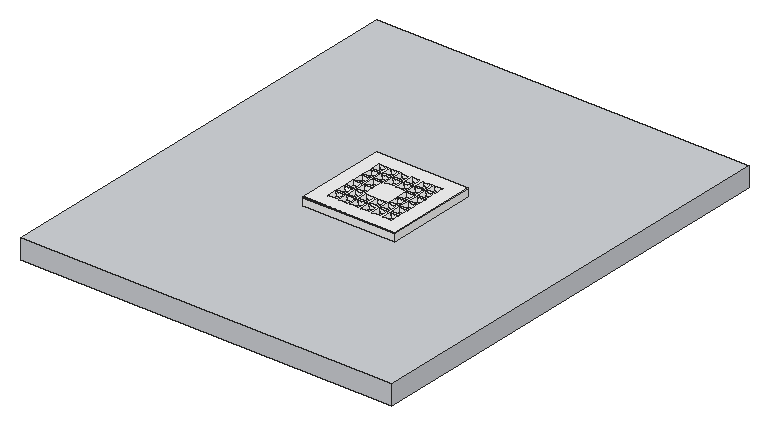
Revit family "SL_Zumtobel MIREL-L A LED Q600", category Lighting Fixtures, host Face, Revit 2014
Parameters (values of type "MIREL-L A LED Q600 Dimmable")
  Width = 600.00 mm  # constant formula
  Wattage = 19.3413 W
  built-in parameter 1150110 = 1 (stored number, unit not read)
  Voltage = 230 V
  URL = "http://www.zumtobel.de/42925612"
  Type Comments = "© Zumtobel. We reserve the right to make technical changes without prior notice."  # constant formula
  built-in parameter 1114217 = 1 (stored number, unit not read)
  Tilt Angle = 90.00°
  built-in parameter 1150109 = 1 (stored number, unit not read)
  built-in parameter 1150134 = 12
  built-in parameter 1150113 = 1 (stored number, unit not read)
  Photometric Web File = "42925612_(STD).IES"
  Model = "42925612"
  Manufacturer = "Zumtobel Lighting"  # constant formula
  built-in parameter 1150105 = 228.63 (stored number, unit not read)
  Lumens = 2873 lm
  built-in parameter 1150115 = 1 (stored number, unit not read)
  built-in parameter 1150137 = (empty or 0)
  built-in parameter 1150139 = (empty or 0)
  Length = 600.00 mm  # constant formula
  built-in parameter 1150112 = 1 (stored number, unit not read)
  built-in parameter 1150114 = 1 (stored number, unit not read)
  Lamp = "LED"
  built-in parameter 1150132 = 2
  built-in parameter 1150102 = (empty or 0)
  built-in parameter 1150107 = 4000 (stored number, unit not read)
  built-in parameter 1150138 = (empty or 0)
  built-in parameter 1150106 = 2.2863 (stored number, unit not read)
  Height = 52.00 mm  # constant formula
  Emit from Rectangle Width = Length  # 600.00 mm
  Emit from Rectangle Length = Width  # 600.00 mm
  Emit Shape Visible in Rendering = yes
  built-in parameter 1150104 = 13.8 (stored number, unit not read)
  Dimming Lamp Color Temperature Shift = <None>
  Description = " Surface mount LED luminaire "  # constant formula
  Cover [instance] = Zumtobel_MIREL_Lamp_Self_llumination
  Color Filter = 16777215
  Body [instance] = Zumtobel_Metal_White
  built-in parameter 1114218 = 1 (stored number, unit not read)
  built-in parameter 1150133 = 10 (stored number, unit not read)
  Apparent Load = 25.9 VA
  Default Elevation = 0.00 mm
  Assembly Code = "D5020200"
Types (2, lengths in mm): name | URL | Photometric Web File | Model | Apparent Load
  MIREL-L A LED Q600 Electronic | "http://www.zumtobel.com/42182127" | "42182127_(STD).IES" | "42182127" | 25.6 VA
  MIREL-L A LED Q600 Dimmable | "http://www.zumtobel.de/42925612" | "42925612_(STD).IES" | "42925612" | 25.9 VA
Reference planes
  plane 1 "Top": z = 0
  plane 2 "Center (Left/Right)": x = 0
  plane 3 "Center (Front/Back)": y = -11.001
  plane 4 "Back": y = 288.999
  plane 5 "Front": y = -311.001
  plane 6 "Left": x = -300
  plane 7 "Right": x = 300
  plane 8 "Back Cover": z = 0
  plane 9 "Top Body": z = 52
  plane 10: z = 49
  plane 11: z = 46
Forms (mm)
  Extrusion 1, solid
    sketch origin (0, 0, 0) x (1, 0, 0) y (0, 1, 0)
      loop
        line (-1219.2, 1439.2) -> (-1219.2, -1480.8) -> (1219.2, -1480.8) -> (1219.2, 1439.2) -> (-1219.2, 1439.2)
    from 0 to -127.877
  Extrusion 2, solid, material "Zumtobel_Metal_White" <- "Body", detail levels medium+fine
    sketch origin (0, 0, 0) x (1, 0, 0) y (0, 1, 0)
      loop
        line (-300, 288.999) -> (-300, -311.001) -> (300, -311.001) -> (300, 288.999) -> (-300, 288.999)
    from 0 to 46
  Extrusion 3, solid, material "Zumtobel_Metal_White" <- "Body", detail levels medium+fine
    sketch origin (0, 0, 0) x (1, 0, 0) y (0, 1, 0)
      loop
        line (-300, 288.999) -> (-300, -311.001) -> (300, -311.001) -> (300, 288.999) -> (-300, 288.999)
    from 49 to 52
  Extrusion 4, solid, material "Zumtobel_Metal_White" <- "Body", detail levels medium+fine
    sketch origin (0, 0, -15) x (1, 0, 0) y (0, 1, 0)
      loop
        line (-295, 283.999) -> (-295, -306.001) -> (295, -306.001) -> (295, 283.999) -> (-295, 283.999)
    from 61 to 64
  Blend 5, void
    base sketch origin (0, -431.2, 0) x (1, 0, 0) y (0, 1, 0)
      loop
        line (-65.95, 557.999) -> (-65.95, 497.999) -> (-5.95, 497.999) -> (-5.95, 557.999) -> (-65.95, 557.999)
    top sketch origin (0, -431.2, 0) x (1, 0, 0) y (0, 1, 0)
      loop
        line (-51.95, 543.999) -> (-51.95, 511.999) -> (-19.95, 511.999) -> (-19.95, 543.999) -> (-51.95, 543.999)
    from 52 to 34
  Blend 6, void
    base sketch origin (0, -431.2, 0) x (-1, 0, 0) y (0, -1, 0)
      loop
        line (-65.95, -557.999) -> (-5.95, -557.999) -> (-5.95, -497.999) -> (-65.95, -497.999) -> (-65.95, -557.999)
    top sketch origin (0, -431.2, 0) x (-1, 0, 0) y (0, -1, 0)
      loop
        line (-51.95, -543.999) -> (-19.95, -543.999) -> (-19.95, -511.999) -> (-51.95, -511.999) -> (-51.95, -543.999)
    from 52 to 34
  Blend 7, void
    base sketch origin (0, 696.665, 0) x (1, 0, 0) y (0, 1, 0)
      loop
        line (-65.95, -557.999) -> (-5.95, -557.999) -> (-5.95, -497.999) -> (-65.95, -497.999) -> (-65.95, -557.999)
    top sketch origin (0, 696.665, 0) x (1, 0, 0) y (0, 1, 0)
      loop
        line (-51.95, -543.999) -> (-19.95, -543.999) -> (-19.95, -511.999) -> (-51.95, -511.999) -> (-51.95, -543.999)
    from 52 to 34
  Blend 8, void
    base sketch origin (0, 696.665, 0) x (-1, 0, 0) y (0, -1, 0)
      loop
        line (-65.95, 557.999) -> (-65.95, 497.999) -> (-5.95, 497.999) -> (-5.95, 557.999) -> (-65.95, 557.999)
    top sketch origin (0, 696.665, 0) x (-1, 0, 0) y (0, -1, 0)
      loop
        line (-51.95, 543.999) -> (-51.95, 511.999) -> (-19.95, 511.999) -> (-19.95, 543.999) -> (-51.95, 543.999)
    from 52 to 34
  Blend 9, void
    base sketch origin (-71.9, -503.067, 0) x (1, 0, 0) y (0, 1, 0)
      loop
        line (-65.95, 557.999) -> (-65.95, 497.999) -> (-5.95, 497.999) -> (-5.95, 557.999) -> (-65.95, 557.999)
    top sketch origin (-71.9, -503.067, 0) x (1, 0, 0) y (0, 1, 0)
      loop
        line (-51.95, 543.999) -> (-51.95, 511.999) -> (-19.95, 511.999) -> (-19.95, 543.999) -> (-51.95, 543.999)
    from 52 to 34
  Blend 10, void
    base sketch origin (-71.9, -574.933, 0) x (1, 0, 0) y (0, 1, 0)
      loop
        line (-65.95, 557.999) -> (-65.95, 497.999) -> (-5.95, 497.999) -> (-5.95, 557.999) -> (-65.95, 557.999)
    top sketch origin (-71.9, -574.933, 0) x (1, 0, 0) y (0, 1, 0)
      loop
        line (-51.95, 543.999) -> (-51.95, 511.999) -> (-19.95, 511.999) -> (-19.95, 543.999) -> (-51.95, 543.999)
    from 52 to 34
  Blend 11, void
    base sketch origin (-71.9, -431.2, 0) x (1, 0, 0) y (0, 1, 0)
      loop
        line (-65.95, 557.999) -> (-65.95, 497.999) -> (-5.95, 497.999) -> (-5.95, 557.999) -> (-65.95, 557.999)
    top sketch origin (-71.9, -431.2, 0) x (1, 0, 0) y (0, 1, 0)
      loop
        line (-51.95, 543.999) -> (-51.95, 511.999) -> (-19.95, 511.999) -> (-19.95, 543.999) -> (-51.95, 543.999)
    from 52 to 34
  Blend 12, void
    base sketch origin (-71.9, 696.665, 0) x (1, 0, 0) y (0, 1, 0)
      loop
        line (-65.95, -557.999) -> (-5.95, -557.999) -> (-5.95, -497.999) -> (-65.95, -497.999) -> (-65.95, -557.999)
    top sketch origin (-71.9, 696.665, 0) x (1, 0, 0) y (0, 1, 0)
      loop
        line (-51.95, -543.999) -> (-19.95, -543.999) -> (-19.95, -511.999) -> (-51.95, -511.999) -> (-51.95, -543.999)
    from 52 to 34
  Blend 13, void
    base sketch origin (-215.7, -503.067, 0) x (-1, 0, 0) y (0, -1, 0)
      loop
        line (-65.95, -557.999) -> (-5.95, -557.999) -> (-5.95, -497.999) -> (-65.95, -497.999) -> (-65.95, -557.999)
    top sketch origin (-215.7, -503.067, 0) x (-1, 0, 0) y (0, -1, 0)
      loop
        line (-51.95, -543.999) -> (-19.95, -543.999) -> (-19.95, -511.999) -> (-51.95, -511.999) -> (-51.95, -543.999)
    from 52 to 34
  Blend 14, void
    base sketch origin (-215.7, -574.933, 0) x (-1, 0, 0) y (0, -1, 0)
      loop
        line (-65.95, -557.999) -> (-5.95, -557.999) -> (-5.95, -497.999) -> (-65.95, -497.999) -> (-65.95, -557.999)
    top sketch origin (-215.7, -574.933, 0) x (-1, 0, 0) y (0, -1, 0)
      loop
        line (-51.95, -543.999) -> (-19.95, -543.999) -> (-19.95, -511.999) -> (-51.95, -511.999) -> (-51.95, -543.999)
    from 52 to 34
  Blend 15, void
    base sketch origin (-215.7, -431.2, 0) x (-1, 0, 0) y (0, -1, 0)
      loop
        line (-65.95, -557.999) -> (-5.95, -557.999) -> (-5.95, -497.999) -> (-65.95, -497.999) -> (-65.95, -557.999)
    top sketch origin (-215.7, -431.2, 0) x (-1, 0, 0) y (0, -1, 0)
      loop
        line (-51.95, -543.999) -> (-19.95, -543.999) -> (-19.95, -511.999) -> (-51.95, -511.999) -> (-51.95, -543.999)
    from 52 to 34
  Blend 16, void
    base sketch origin (-215.7, 696.665, 0) x (-1, 0, 0) y (0, -1, 0)
      loop
        line (-65.95, 557.999) -> (-65.95, 497.999) -> (-5.95, 497.999) -> (-5.95, 557.999) -> (-65.95, 557.999)
    top sketch origin (-215.7, 696.665, 0) x (-1, 0, 0) y (0, -1, 0)
      loop
        line (-51.95, 543.999) -> (-51.95, 511.999) -> (-19.95, 511.999) -> (-19.95, 543.999) -> (-51.95, 543.999)
    from 52 to 34
  Blend 17, void
    base sketch origin (71.9, -503.067, 0) x (-1, 0, 0) y (0, -1, 0)
      loop
        line (-65.95, -557.999) -> (-5.95, -557.999) -> (-5.95, -497.999) -> (-65.95, -497.999) -> (-65.95, -557.999)
    top sketch origin (71.9, -503.067, 0) x (-1, 0, 0) y (0, -1, 0)
      loop
        line (-51.95, -543.999) -> (-19.95, -543.999) -> (-19.95, -511.999) -> (-51.95, -511.999) -> (-51.95, -543.999)
    from 52 to 34
  Blend 18, void
    base sketch origin (71.9, -574.933, 0) x (-1, 0, 0) y (0, -1, 0)
      loop
        line (-65.95, -557.999) -> (-5.95, -557.999) -> (-5.95, -497.999) -> (-65.95, -497.999) -> (-65.95, -557.999)
    top sketch origin (71.9, -574.933, 0) x (-1, 0, 0) y (0, -1, 0)
      loop
        line (-51.95, -543.999) -> (-19.95, -543.999) -> (-19.95, -511.999) -> (-51.95, -511.999) -> (-51.95, -543.999)
    from 52 to 34
  Blend 19, void
    base sketch origin (71.9, -431.2, 0) x (-1, 0, 0) y (0, -1, 0)
      loop
        line (-65.95, -557.999) -> (-5.95, -557.999) -> (-5.95, -497.999) -> (-65.95, -497.999) -> (-65.95, -557.999)
    top sketch origin (71.9, -431.2, 0) x (-1, 0, 0) y (0, -1, 0)
      loop
        line (-51.95, -543.999) -> (-19.95, -543.999) -> (-19.95, -511.999) -> (-51.95, -511.999) -> (-51.95, -543.999)
    from 52 to 34
  Blend 20, void
    base sketch origin (71.9, 696.665, 0) x (-1, 0, 0) y (0, -1, 0)
      loop
        line (-65.95, 557.999) -> (-65.95, 497.999) -> (-5.95, 497.999) -> (-5.95, 557.999) -> (-65.95, 557.999)
    top sketch origin (71.9, 696.665, 0) x (-1, 0, 0) y (0, -1, 0)
      loop
        line (-51.95, 543.999) -> (-51.95, 511.999) -> (-19.95, 511.999) -> (-19.95, 543.999) -> (-51.95, 543.999)
    from 52 to 34
  Blend 21, void
    base sketch origin (143.8, -503.067, 0) x (-1, 0, 0) y (0, -1, 0)
      loop
        line (-65.95, -557.999) -> (-5.95, -557.999) -> (-5.95, -497.999) -> (-65.95, -497.999) -> (-65.95, -557.999)
    top sketch origin (143.8, -503.067, 0) x (-1, 0, 0) y (0, -1, 0)
      loop
        line (-51.95, -543.999) -> (-19.95, -543.999) -> (-19.95, -511.999) -> (-51.95, -511.999) -> (-51.95, -543.999)
    from 52 to 34
  Blend 22, void
    base sketch origin (143.8, -574.933, 0) x (-1, 0, 0) y (0, -1, 0)
      loop
        line (-65.95, -557.999) -> (-5.95, -557.999) -> (-5.95, -497.999) -> (-65.95, -497.999) -> (-65.95, -557.999)
    top sketch origin (143.8, -574.933, 0) x (-1, 0, 0) y (0, -1, 0)
      loop
        line (-51.95, -543.999) -> (-19.95, -543.999) -> (-19.95, -511.999) -> (-51.95, -511.999) -> (-51.95, -543.999)
    from 52 to 34
  Blend 23, void
    base sketch origin (143.8, -431.2, 0) x (-1, 0, 0) y (0, -1, 0)
      loop
        line (-65.95, -557.999) -> (-5.95, -557.999) -> (-5.95, -497.999) -> (-65.95, -497.999) -> (-65.95, -557.999)
    top sketch origin (143.8, -431.2, 0) x (-1, 0, 0) y (0, -1, 0)
      loop
        line (-51.95, -543.999) -> (-19.95, -543.999) -> (-19.95, -511.999) -> (-51.95, -511.999) -> (-51.95, -543.999)
    from 52 to 34
  Blend 24, void
    base sketch origin (143.8, 696.665, 0) x (-1, 0, 0) y (0, -1, 0)
      loop
        line (-65.95, 557.999) -> (-65.95, 497.999) -> (-5.95, 497.999) -> (-5.95, 557.999) -> (-65.95, 557.999)
    top sketch origin (143.8, 696.665, 0) x (-1, 0, 0) y (0, -1, 0)
      loop
        line (-51.95, 543.999) -> (-51.95, 511.999) -> (-19.95, 511.999) -> (-19.95, 543.999) -> (-51.95, 543.999)
    from 52 to 34
  Blend 25, void
    base sketch origin (0, 409.199, 0) x (1, 0, 0) y (0, 1, 0)
      loop
        line (-65.95, -557.999) -> (-5.95, -557.999) -> (-5.95, -497.999) -> (-65.95, -497.999) -> (-65.95, -557.999)
    top sketch origin (0, 409.199, 0) x (1, 0, 0) y (0, 1, 0)
      loop
        line (-51.95, -543.999) -> (-19.95, -543.999) -> (-19.95, -511.999) -> (-51.95, -511.999) -> (-51.95, -543.999)
    from 52 to 34
  Blend 26, void
    base sketch origin (0, 409.199, 0) x (-1, 0, 0) y (0, -1, 0)
      loop
        line (-65.95, 557.999) -> (-65.95, 497.999) -> (-5.95, 497.999) -> (-5.95, 557.999) -> (-65.95, 557.999)
    top sketch origin (0, 409.199, 0) x (-1, 0, 0) y (0, -1, 0)
      loop
        line (-51.95, 543.999) -> (-51.95, 511.999) -> (-19.95, 511.999) -> (-19.95, 543.999) -> (-51.95, 543.999)
    from 52 to 34
  Blend 27, void
    base sketch origin (0, 337.332, 0) x (1, 0, 0) y (0, 1, 0)
      loop
        line (-65.95, -557.999) -> (-5.95, -557.999) -> (-5.95, -497.999) -> (-65.95, -497.999) -> (-65.95, -557.999)
    top sketch origin (0, 337.332, 0) x (1, 0, 0) y (0, 1, 0)
      loop
        line (-51.95, -543.999) -> (-19.95, -543.999) -> (-19.95, -511.999) -> (-51.95, -511.999) -> (-51.95, -543.999)
    from 52 to 34
  Blend 28, void
    base sketch origin (0, 337.332, 0) x (-1, 0, 0) y (0, -1, 0)
      loop
        line (-65.95, 557.999) -> (-65.95, 497.999) -> (-5.95, 497.999) -> (-5.95, 557.999) -> (-65.95, 557.999)
    top sketch origin (0, 337.332, 0) x (-1, 0, 0) y (0, -1, 0)
      loop
        line (-51.95, 543.999) -> (-51.95, 511.999) -> (-19.95, 511.999) -> (-19.95, 543.999) -> (-51.95, 543.999)
    from 52 to 34
  Blend 29, void
    base sketch origin (-71.9, 409.199, 0) x (1, 0, 0) y (0, 1, 0)
      loop
        line (-65.95, -557.999) -> (-5.95, -557.999) -> (-5.95, -497.999) -> (-65.95, -497.999) -> (-65.95, -557.999)
    top sketch origin (-71.9, 409.199, 0) x (1, 0, 0) y (0, 1, 0)
      loop
        line (-51.95, -543.999) -> (-19.95, -543.999) -> (-19.95, -511.999) -> (-51.95, -511.999) -> (-51.95, -543.999)
    from 52 to 34
  Blend 30, void
    base sketch origin (-71.9, 337.332, 0) x (1, 0, 0) y (0, 1, 0)
      loop
        line (-65.95, -557.999) -> (-5.95, -557.999) -> (-5.95, -497.999) -> (-65.95, -497.999) -> (-65.95, -557.999)
    top sketch origin (-71.9, 337.332, 0) x (1, 0, 0) y (0, 1, 0)
      loop
        line (-51.95, -543.999) -> (-19.95, -543.999) -> (-19.95, -511.999) -> (-51.95, -511.999) -> (-51.95, -543.999)
    from 52 to 34
  Blend 31, void
    base sketch origin (-215.7, 409.199, 0) x (-1, 0, 0) y (0, -1, 0)
      loop
        line (-65.95, 557.999) -> (-65.95, 497.999) -> (-5.95, 497.999) -> (-5.95, 557.999) -> (-65.95, 557.999)
    top sketch origin (-215.7, 409.199, 0) x (-1, 0, 0) y (0, -1, 0)
      loop
        line (-51.95, 543.999) -> (-51.95, 511.999) -> (-19.95, 511.999) -> (-19.95, 543.999) -> (-51.95, 543.999)
    from 52 to 34
  Blend 32, void
    base sketch origin (-215.7, 337.332, 0) x (-1, 0, 0) y (0, -1, 0)
      loop
        line (-65.95, 557.999) -> (-65.95, 497.999) -> (-5.95, 497.999) -> (-5.95, 557.999) -> (-65.95, 557.999)
    top sketch origin (-215.7, 337.332, 0) x (-1, 0, 0) y (0, -1, 0)
      loop
        line (-51.95, 543.999) -> (-51.95, 511.999) -> (-19.95, 511.999) -> (-19.95, 543.999) -> (-51.95, 543.999)
    from 52 to 34
  Blend 33, void
    base sketch origin (71.9, 409.199, 0) x (-1, 0, 0) y (0, -1, 0)
      loop
        line (-65.95, 557.999) -> (-65.95, 497.999) -> (-5.95, 497.999) -> (-5.95, 557.999) -> (-65.95, 557.999)
    top sketch origin (71.9, 409.199, 0) x (-1, 0, 0) y (0, -1, 0)
      loop
        line (-51.95, 543.999) -> (-51.95, 511.999) -> (-19.95, 511.999) -> (-19.95, 543.999) -> (-51.95, 543.999)
    from 52 to 34
  Blend 34, void
    base sketch origin (71.9, 337.332, 0) x (-1, 0, 0) y (0, -1, 0)
      loop
        line (-65.95, 557.999) -> (-65.95, 497.999) -> (-5.95, 497.999) -> (-5.95, 557.999) -> (-65.95, 557.999)
    top sketch origin (71.9, 337.332, 0) x (-1, 0, 0) y (0, -1, 0)
      loop
        line (-51.95, 543.999) -> (-51.95, 511.999) -> (-19.95, 511.999) -> (-19.95, 543.999) -> (-51.95, 543.999)
    from 52 to 34
  Blend 35, void
    base sketch origin (143.8, 409.199, 0) x (-1, 0, 0) y (0, -1, 0)
      loop
        line (-65.95, 557.999) -> (-65.95, 497.999) -> (-5.95, 497.999) -> (-5.95, 557.999) -> (-65.95, 557.999)
    top sketch origin (143.8, 409.199, 0) x (-1, 0, 0) y (0, -1, 0)
      loop
        line (-51.95, 543.999) -> (-51.95, 511.999) -> (-19.95, 511.999) -> (-19.95, 543.999) -> (-51.95, 543.999)
    from 52 to 34
  Blend 36, void
    base sketch origin (143.8, 337.332, 0) x (-1, 0, 0) y (0, -1, 0)
      loop
        line (-65.95, 557.999) -> (-65.95, 497.999) -> (-5.95, 497.999) -> (-5.95, 557.999) -> (-65.95, 557.999)
    top sketch origin (143.8, 337.332, 0) x (-1, 0, 0) y (0, -1, 0)
      loop
        line (-51.95, 543.999) -> (-51.95, 511.999) -> (-19.95, 511.999) -> (-19.95, 543.999) -> (-51.95, 543.999)
    from 52 to 34
Cuts and joins
  Blend 5, Blend 6, Blend 7, Blend 8, Blend 9, Blend 10, Blend 11, Blend 12, Blend 13, Blend 14, Blend 15, Blend 16, Blend 17, Blend 18, Blend 19, Blend 20, Blend 21, Blend 22, Blend 23, Blend 24, Blend 25, Blend 26, Blend 27, Blend 28, Blend 29, Blend 30, Blend 31, Blend 32, Blend 33, Blend 34, Blend 35, Blend 36 cuts Extrusion 2
  Blend 5, Blend 6, Blend 7, Blend 8, Blend 9, Blend 10, Blend 11, Blend 12, Blend 13, Blend 14, Blend 15, Blend 16, Blend 17, Blend 18, Blend 19, Blend 20, Blend 21, Blend 22, Blend 23, Blend 24, Blend 25, Blend 26, Blend 27, Blend 28, Blend 29, Blend 30, Blend 31, Blend 32, Blend 33, Blend 34, Blend 35, Blend 36 cuts Extrusion 3
  Blend 5, Blend 6, Blend 7, Blend 8, Blend 9, Blend 10, Blend 11, Blend 12, Blend 13, Blend 14, Blend 15, Blend 16, Blend 17, Blend 18, Blend 19, Blend 20, Blend 21, Blend 22, Blend 23, Blend 24, Blend 25, Blend 26, Blend 27, Blend 28, Blend 29, Blend 30, Blend 31, Blend 32, Blend 33, Blend 34, Blend 35, Blend 36 cuts Extrusion 4
  joined: Extrusion 2, Extrusion 3, Extrusion 4
Lines and regions (mm)
  symbolic lines, style "Zumtobel Lighting", detail levels coarse
    curve 1: line (-300, 288.999, 0) -> (300, 288.999, 0)
    curve 2: line (-300, -311.001, 0) -> (-300, 288.999, 0)
    curve 3: line (300, -311.001, 0) -> (-300, -311.001, 0)
    curve 4: line (300, 288.999, 0) -> (300, -311.001, 0)
Dimensions and locks
  equal spacing: plane 4 "Back", plane 3 "Center (Front/Back)", plane 5 "Front"
  "Length": plane 4 "Back" to plane 5 "Front"
  equal spacing: plane 6 "Left", plane 2 "Center (Left/Right)", plane 7 "Right"
  "Width": plane 6 "Left" to plane 7 "Right"
  plane 9 "Top Body" to plane 10 to plane 11 to plane 1 "Top" = 3.00 mm locked, 3.00 mm locked, 46.00 mm locked
  aligned and locked: plane 1 "Top" to Extrusion 1
  aligned and locked: level to Extrusion 1
  aligned: imposter light to plane 2 "Center (Left/Right)"
  aligned: imposter light to plane 3 "Center (Front/Back)"
  aligned and locked: imposter light to plane 9 "Top Body"
  aligned and locked: imposter light to plane 2 "Center (Left/Right)"
  aligned: plane 1 "Top" to Extrusion 2
  aligned and locked: curve 1 to cut or joined group 1 (Extrusion 2, Extrusion 3, Extrusion 4, Blend 5, Blend 6, Blend 7, Blend 8, Blend 9, Blend 10, Blend 11, Blend 12, Blend 13, Blend 14, Blend 15, Blend 16, Blend 17, Blend 18, Blend 19, Blend 20, Blend 21, Blend 22, Blend 23, Blend 24, Blend 25, Blend 26, Blend 27, Blend 28, Blend 29, Blend 30, Blend 31, Blend 32, Blend 33, Blend 34, Blend 35, Blend 36)
  aligned and locked: curve 2 to cut or joined group 1
  aligned and locked: curve 3 to cut or joined group 1
  aligned and locked: curve 4 to cut or joined group 1
  aligned and locked: Extrusion 3 to imposter light
  aligned and locked: Extrusion 3 to plane 10
  aligned and locked: Extrusion 4 to cut or joined group 1
  aligned and locked: Extrusion 4 to plane 11
  aligned and locked: plane 11 to Extrusion 2
  aligned and locked: Extrusion 2 to plane 1 "Top"
  aligned and locked: Extrusion 2 sketch curve to plane 4 "Back"
  aligned and locked: Extrusion 2 sketch curve to plane 7 "Right"
  aligned and locked: Extrusion 2 sketch curve to plane 6 "Left"
  aligned and locked: Extrusion 2 sketch curve to plane 5 "Front"
Automatic sketch dimensions
  Extrusion 1 sketch curve to Extrusion 1 sketch curve = 2438.40 mm
  Extrusion 1 sketch curve to Extrusion 1 sketch curve = 2920.00 mm
  plane 5 "Front" to Extrusion 3 sketch curve = 0.00 mm
  Extrusion 3 sketch curve to plane 6 "Left" = 0.00 mm
  Extrusion 3 sketch curve to plane 7 "Right" = 0.00 mm
  Extrusion 3 sketch curve to plane 4 "Back" = 0.00 mm
  Extrusion 4 sketch curve to plane 6 "Left" = 5.00 mm
  Extrusion 4 sketch curve to plane 7 "Right" = 5.00 mm
  Extrusion 4 sketch curve to plane 5 "Front" = 5.00 mm
  Extrusion 4 sketch curve to plane 4 "Back" = 5.00 mm
  Blend 5 sketch curve to plane 2 "Center (Left/Right)" = 65.95 mm
  Blend 5 sketch curve to plane 2 "Center (Left/Right)" = 5.95 mm
  plane 3 "Center (Front/Back)" to Blend 5 sketch curve = 77.80 mm
  Blend 5 sketch curve to Blend 5 sketch curve = 60.00 mm
  Blend 5 sketch curve to plane 2 "Center (Left/Right)" = 51.95 mm
  Blend 5 sketch curve to plane 2 "Center (Left/Right)" = 19.95 mm
  plane 3 "Center (Front/Back)" to Blend 5 sketch curve = 91.80 mm
  Blend 5 sketch curve to Blend 5 sketch curve = 32.00 mm
  Blend 6 sketch curve to plane 2 "Center (Left/Right)" = 65.95 mm
  Blend 6 sketch curve to plane 2 "Center (Left/Right)" = 5.95 mm
  Blend 6 sketch curve to plane 3 "Center (Front/Back)" = 77.80 mm
  Blend 6 sketch curve to Blend 6 sketch curve = 60.00 mm
  Blend 6 sketch curve to plane 2 "Center (Left/Right)" = 51.95 mm
  Blend 6 sketch curve to plane 2 "Center (Left/Right)" = 19.95 mm
  Blend 6 sketch curve to plane 3 "Center (Front/Back)" = 91.80 mm
  Blend 6 sketch curve to Blend 6 sketch curve = 32.00 mm
  Blend 7 sketch curve to plane 2 "Center (Left/Right)" = 65.95 mm
  Blend 7 sketch curve to plane 2 "Center (Left/Right)" = 5.95 mm
  plane 3 "Center (Front/Back)" to Blend 7 sketch curve = 149.667 mm
  Blend 7 sketch curve to Blend 7 sketch curve = 60.00 mm
  Blend 7 sketch curve to plane 2 "Center (Left/Right)" = 51.95 mm
  Blend 7 sketch curve to plane 2 "Center (Left/Right)" = 19.95 mm
  Blend 7 sketch curve to plane 4 "Back" = 136.333 mm
  Blend 7 sketch curve to Blend 7 sketch curve = 32.00 mm
  plane 2 "Center (Left/Right)" to Blend 8 sketch curve = 65.95 mm
  plane 2 "Center (Left/Right)" to Blend 8 sketch curve = 5.95 mm
  Blend 8 sketch curve to plane 4 "Back" = 90.333 mm
  Blend 8 sketch curve to Blend 8 sketch curve = 60.00 mm
  plane 2 "Center (Left/Right)" to Blend 8 sketch curve = 51.95 mm
  plane 2 "Center (Left/Right)" to Blend 8 sketch curve = 19.95 mm
  Blend 8 sketch curve to plane 4 "Back" = 104.333 mm
  Blend 8 sketch curve to Blend 8 sketch curve = 32.00 mm
  plane 3 "Center (Front/Back)" to Blend 9 sketch curve = 5.933 mm
  Blend 9 sketch curve to plane 2 "Center (Left/Right)" = 137.85 mm
  Blend 9 sketch curve to Blend 9 sketch curve = 60.00 mm  (x2)
  plane 3 "Center (Front/Back)" to Blend 9 sketch curve = 19.933 mm
  Blend 9 sketch curve to plane 2 "Center (Left/Right)" = 123.85 mm
  Blend 9 sketch curve to Blend 9 sketch curve = 32.00 mm  (x2)
  Blend 10 sketch curve to plane 3 "Center (Front/Back)" = 65.933 mm
  Blend 10 sketch curve to plane 2 "Center (Left/Right)" = 137.85 mm
  Blend 10 sketch curve to Blend 10 sketch curve = 60.00 mm
  Blend 10 sketch curve to plane 3 "Center (Front/Back)" = 5.933 mm
  Blend 10 sketch curve to plane 3 "Center (Front/Back)" = 51.933 mm
  Blend 10 sketch curve to plane 2 "Center (Left/Right)" = 123.85 mm
  Blend 10 sketch curve to Blend 10 sketch curve = 32.00 mm
  Blend 10 sketch curve to plane 3 "Center (Front/Back)" = 19.933 mm
  Blend 11 sketch curve to plane 2 "Center (Left/Right)" = 137.85 mm
  Blend 11 sketch curve to Blend 11 sketch curve = 60.00 mm  (x2)
  plane 3 "Center (Front/Back)" to Blend 11 sketch curve = 77.80 mm
  Blend 11 sketch curve to plane 2 "Center (Left/Right)" = 123.85 mm
  Blend 11 sketch curve to Blend 11 sketch curve = 32.00 mm  (x2)
  plane 3 "Center (Front/Back)" to Blend 11 sketch curve = 91.80 mm
  Blend 12 sketch curve to plane 2 "Center (Left/Right)" = 137.85 mm
  Blend 12 sketch curve to Blend 12 sketch curve = 60.00 mm  (x2)
  plane 3 "Center (Front/Back)" to Blend 12 sketch curve = 149.667 mm
  Blend 12 sketch curve to plane 2 "Center (Left/Right)" = 123.85 mm
  Blend 12 sketch curve to Blend 12 sketch curve = 32.00 mm  (x2)
  Blend 12 sketch curve to plane 4 "Back" = 136.333 mm
  plane 3 "Center (Front/Back)" to Blend 13 sketch curve = 5.933 mm
  Blend 13 sketch curve to plane 2 "Center (Left/Right)" = 149.75 mm
  Blend 13 sketch curve to Blend 13 sketch curve = 60.00 mm  (x2)
  plane 3 "Center (Front/Back)" to Blend 13 sketch curve = 19.933 mm
  Blend 13 sketch curve to plane 6 "Left" = 136.25 mm
  Blend 13 sketch curve to Blend 13 sketch curve = 32.00 mm  (x2)
  Blend 14 sketch curve to plane 3 "Center (Front/Back)" = 65.933 mm
  Blend 14 sketch curve to plane 2 "Center (Left/Right)" = 149.75 mm
  Blend 14 sketch curve to Blend 14 sketch curve = 60.00 mm
  Blend 14 sketch curve to plane 3 "Center (Front/Back)" = 5.933 mm
  Blend 14 sketch curve to plane 3 "Center (Front/Back)" = 51.933 mm
  Blend 14 sketch curve to plane 6 "Left" = 136.25 mm
  Blend 14 sketch curve to Blend 14 sketch curve = 32.00 mm
  Blend 14 sketch curve to plane 3 "Center (Front/Back)" = 19.933 mm
  Blend 15 sketch curve to plane 2 "Center (Left/Right)" = 149.75 mm
  Blend 15 sketch curve to Blend 15 sketch curve = 60.00 mm  (x2)
  plane 3 "Center (Front/Back)" to Blend 15 sketch curve = 137.80 mm
  Blend 15 sketch curve to plane 6 "Left" = 136.25 mm
  Blend 15 sketch curve to Blend 15 sketch curve = 32.00 mm  (x2)
  plane 3 "Center (Front/Back)" to Blend 15 sketch curve = 123.80 mm
  Blend 16 sketch curve to plane 2 "Center (Left/Right)" = 149.75 mm
  Blend 16 sketch curve to Blend 16 sketch curve = 60.00 mm  (x2)
  Blend 16 sketch curve to plane 4 "Back" = 90.333 mm
  Blend 16 sketch curve to plane 6 "Left" = 136.25 mm
  Blend 16 sketch curve to Blend 16 sketch curve = 32.00 mm  (x2)
  Blend 16 sketch curve to plane 4 "Back" = 104.333 mm
  plane 3 "Center (Front/Back)" to Blend 17 sketch curve = 5.933 mm
  plane 2 "Center (Left/Right)" to Blend 17 sketch curve = 137.85 mm
  Blend 17 sketch curve to Blend 17 sketch curve = 60.00 mm  (x2)
  plane 3 "Center (Front/Back)" to Blend 17 sketch curve = 19.933 mm
  plane 2 "Center (Left/Right)" to Blend 17 sketch curve = 123.85 mm
  Blend 17 sketch curve to Blend 17 sketch curve = 32.00 mm  (x2)
  Blend 18 sketch curve to plane 3 "Center (Front/Back)" = 65.933 mm
  plane 2 "Center (Left/Right)" to Blend 18 sketch curve = 137.85 mm
  Blend 18 sketch curve to Blend 18 sketch curve = 60.00 mm
  Blend 18 sketch curve to plane 3 "Center (Front/Back)" = 5.933 mm
  Blend 18 sketch curve to plane 3 "Center (Front/Back)" = 51.933 mm
  plane 2 "Center (Left/Right)" to Blend 18 sketch curve = 123.85 mm
  Blend 18 sketch curve to Blend 18 sketch curve = 32.00 mm
  Blend 18 sketch curve to plane 3 "Center (Front/Back)" = 19.933 mm
  plane 2 "Center (Left/Right)" to Blend 19 sketch curve = 137.85 mm
  Blend 19 sketch curve to Blend 19 sketch curve = 60.00 mm  (x2)
  plane 3 "Center (Front/Back)" to Blend 19 sketch curve = 137.80 mm
  plane 2 "Center (Left/Right)" to Blend 19 sketch curve = 123.85 mm
  Blend 19 sketch curve to Blend 19 sketch curve = 32.00 mm  (x2)
  plane 3 "Center (Front/Back)" to Blend 19 sketch curve = 123.80 mm
  plane 2 "Center (Left/Right)" to Blend 20 sketch curve = 137.85 mm
  Blend 20 sketch curve to Blend 20 sketch curve = 60.00 mm  (x2)
  Blend 20 sketch curve to plane 4 "Back" = 90.333 mm
  plane 2 "Center (Left/Right)" to Blend 20 sketch curve = 123.85 mm
  Blend 20 sketch curve to Blend 20 sketch curve = 32.00 mm  (x2)
  Blend 20 sketch curve to plane 4 "Back" = 104.333 mm
  plane 3 "Center (Front/Back)" to Blend 21 sketch curve = 5.933 mm
  Blend 21 sketch curve to plane 7 "Right" = 90.25 mm
  Blend 21 sketch curve to Blend 21 sketch curve = 60.00 mm  (x2)
  plane 3 "Center (Front/Back)" to Blend 21 sketch curve = 19.933 mm
  Blend 21 sketch curve to plane 7 "Right" = 104.25 mm
  Blend 21 sketch curve to Blend 21 sketch curve = 32.00 mm  (x2)
  Blend 22 sketch curve to plane 7 "Right" = 90.25 mm
  Blend 22 sketch curve to Blend 22 sketch curve = 60.00 mm  (x2)
  Blend 22 sketch curve to plane 3 "Center (Front/Back)" = 5.933 mm
  Blend 22 sketch curve to plane 3 "Center (Front/Back)" = 51.933 mm
  Blend 22 sketch curve to plane 7 "Right" = 104.25 mm
  Blend 22 sketch curve to Blend 22 sketch curve = 32.00 mm
  Blend 22 sketch curve to plane 3 "Center (Front/Back)" = 19.933 mm
  Blend 23 sketch curve to plane 7 "Right" = 90.25 mm
  Blend 23 sketch curve to Blend 23 sketch curve = 60.00 mm  (x2)
  plane 3 "Center (Front/Back)" to Blend 23 sketch curve = 137.80 mm
  Blend 23 sketch curve to plane 7 "Right" = 104.25 mm
  Blend 23 sketch curve to Blend 23 sketch curve = 32.00 mm  (x2)
  plane 3 "Center (Front/Back)" to Blend 23 sketch curve = 123.80 mm
  Blend 24 sketch curve to plane 7 "Right" = 90.25 mm
  Blend 24 sketch curve to Blend 24 sketch curve = 60.00 mm  (x2)
  Blend 24 sketch curve to plane 4 "Back" = 90.333 mm
  Blend 24 sketch curve to plane 7 "Right" = 104.25 mm
  Blend 24 sketch curve to Blend 24 sketch curve = 32.00 mm  (x2)
  Blend 24 sketch curve to plane 4 "Back" = 104.333 mm
  Blend 25 sketch curve to plane 2 "Center (Left/Right)" = 65.95 mm
  Blend 25 sketch curve to plane 2 "Center (Left/Right)" = 5.95 mm
  Blend 25 sketch curve to plane 3 "Center (Front/Back)" = 137.80 mm
  Blend 25 sketch curve to Blend 25 sketch curve = 60.00 mm
  Blend 25 sketch curve to plane 2 "Center (Left/Right)" = 51.95 mm
  Blend 25 sketch curve to plane 2 "Center (Left/Right)" = 19.95 mm
  Blend 25 sketch curve to plane 3 "Center (Front/Back)" = 123.80 mm
  Blend 25 sketch curve to Blend 25 sketch curve = 32.00 mm
  plane 2 "Center (Left/Right)" to Blend 26 sketch curve = 65.95 mm
  plane 2 "Center (Left/Right)" to Blend 26 sketch curve = 5.95 mm
  Blend 26 sketch curve to plane 3 "Center (Front/Back)" = 77.80 mm
  Blend 26 sketch curve to Blend 26 sketch curve = 60.00 mm
  plane 2 "Center (Left/Right)" to Blend 26 sketch curve = 51.95 mm
  plane 2 "Center (Left/Right)" to Blend 26 sketch curve = 19.95 mm
  Blend 26 sketch curve to plane 3 "Center (Front/Back)" = 91.80 mm
  Blend 26 sketch curve to Blend 26 sketch curve = 32.00 mm
  Blend 27 sketch curve to plane 2 "Center (Left/Right)" = 65.95 mm
  Blend 27 sketch curve to plane 2 "Center (Left/Right)" = 5.95 mm
  Blend 27 sketch curve to plane 5 "Front" = 90.333 mm
  Blend 27 sketch curve to Blend 27 sketch curve = 60.00 mm
  Blend 27 sketch curve to plane 2 "Center (Left/Right)" = 51.95 mm
  Blend 27 sketch curve to plane 2 "Center (Left/Right)" = 19.95 mm
  Blend 27 sketch curve to plane 5 "Front" = 104.333 mm
  Blend 27 sketch curve to Blend 27 sketch curve = 32.00 mm
  plane 2 "Center (Left/Right)" to Blend 28 sketch curve = 65.95 mm
  plane 2 "Center (Left/Right)" to Blend 28 sketch curve = 5.95 mm
  Blend 28 sketch curve to plane 3 "Center (Front/Back)" = 149.667 mm
  Blend 28 sketch curve to Blend 28 sketch curve = 60.00 mm
  plane 2 "Center (Left/Right)" to Blend 28 sketch curve = 51.95 mm
  plane 2 "Center (Left/Right)" to Blend 28 sketch curve = 19.95 mm
  Blend 28 sketch curve to plane 5 "Front" = 136.333 mm
  Blend 28 sketch curve to Blend 28 sketch curve = 32.00 mm
  Blend 29 sketch curve to plane 2 "Center (Left/Right)" = 137.85 mm
  Blend 29 sketch curve to Blend 29 sketch curve = 60.00 mm  (x2)
  Blend 29 sketch curve to plane 3 "Center (Front/Back)" = 137.80 mm
  Blend 29 sketch curve to plane 2 "Center (Left/Right)" = 123.85 mm
  Blend 29 sketch curve to Blend 29 sketch curve = 32.00 mm  (x2)
  Blend 29 sketch curve to plane 3 "Center (Front/Back)" = 123.80 mm
  Blend 30 sketch curve to plane 2 "Center (Left/Right)" = 137.85 mm
  Blend 30 sketch curve to Blend 30 sketch curve = 60.00 mm  (x2)
  Blend 30 sketch curve to plane 5 "Front" = 90.333 mm
  Blend 30 sketch curve to plane 2 "Center (Left/Right)" = 123.85 mm
  Blend 30 sketch curve to Blend 30 sketch curve = 32.00 mm  (x2)
  Blend 30 sketch curve to plane 5 "Front" = 104.333 mm
  Blend 31 sketch curve to plane 2 "Center (Left/Right)" = 149.75 mm
  Blend 31 sketch curve to Blend 31 sketch curve = 60.00 mm  (x2)
  Blend 31 sketch curve to plane 3 "Center (Front/Back)" = 77.80 mm
  Blend 31 sketch curve to plane 6 "Left" = 136.25 mm
  Blend 31 sketch curve to Blend 31 sketch curve = 32.00 mm  (x2)
  Blend 31 sketch curve to plane 3 "Center (Front/Back)" = 91.80 mm
  Blend 32 sketch curve to plane 2 "Center (Left/Right)" = 149.75 mm
  Blend 32 sketch curve to Blend 32 sketch curve = 60.00 mm  (x2)
  Blend 32 sketch curve to plane 3 "Center (Front/Back)" = 149.667 mm
  Blend 32 sketch curve to plane 6 "Left" = 136.25 mm
  Blend 32 sketch curve to Blend 32 sketch curve = 32.00 mm  (x2)
  Blend 32 sketch curve to plane 5 "Front" = 136.333 mm
  plane 2 "Center (Left/Right)" to Blend 33 sketch curve = 137.85 mm
  Blend 33 sketch curve to Blend 33 sketch curve = 60.00 mm  (x2)
  Blend 33 sketch curve to plane 3 "Center (Front/Back)" = 77.80 mm
  plane 2 "Center (Left/Right)" to Blend 33 sketch curve = 123.85 mm
  Blend 33 sketch curve to Blend 33 sketch curve = 32.00 mm  (x2)
  Blend 33 sketch curve to plane 3 "Center (Front/Back)" = 91.80 mm
  plane 2 "Center (Left/Right)" to Blend 34 sketch curve = 137.85 mm
  Blend 34 sketch curve to Blend 34 sketch curve = 60.00 mm  (x2)
  Blend 34 sketch curve to plane 3 "Center (Front/Back)" = 149.667 mm
  plane 2 "Center (Left/Right)" to Blend 34 sketch curve = 123.85 mm
  Blend 34 sketch curve to Blend 34 sketch curve = 32.00 mm  (x2)
  Blend 34 sketch curve to plane 5 "Front" = 136.333 mm
  Blend 35 sketch curve to plane 7 "Right" = 90.25 mm
  Blend 35 sketch curve to Blend 35 sketch curve = 60.00 mm  (x2)
  Blend 35 sketch curve to plane 3 "Center (Front/Back)" = 77.80 mm
  Blend 35 sketch curve to plane 7 "Right" = 104.25 mm
  Blend 35 sketch curve to Blend 35 sketch curve = 32.00 mm  (x2)
  Blend 35 sketch curve to plane 3 "Center (Front/Back)" = 91.80 mm
  Blend 36 sketch curve to plane 7 "Right" = 90.25 mm
  Blend 36 sketch curve to Blend 36 sketch curve = 60.00 mm  (x2)
  Blend 36 sketch curve to plane 3 "Center (Front/Back)" = 149.667 mm
  Blend 36 sketch curve to plane 7 "Right" = 104.25 mm
  Blend 36 sketch curve to Blend 36 sketch curve = 32.00 mm  (x2)
  Blend 36 sketch curve to plane 5 "Front" = 136.333 mm
Connectors
  electrical at (0, -11.001, 0), driven by "Apparent Load", driven by "Voltage"
    settings: index 1, voltage 230 V, apparent load 0 VA, apparent load phase1 25.9 VA, apparent load phase2 0 VA, apparent load phase3 0 VA, power factor 1, load classification "Lighting", number of poles 1, system type 31, power factor state 1, is connector primary yes, connector utility no, sub classification motor no, connector description ""
